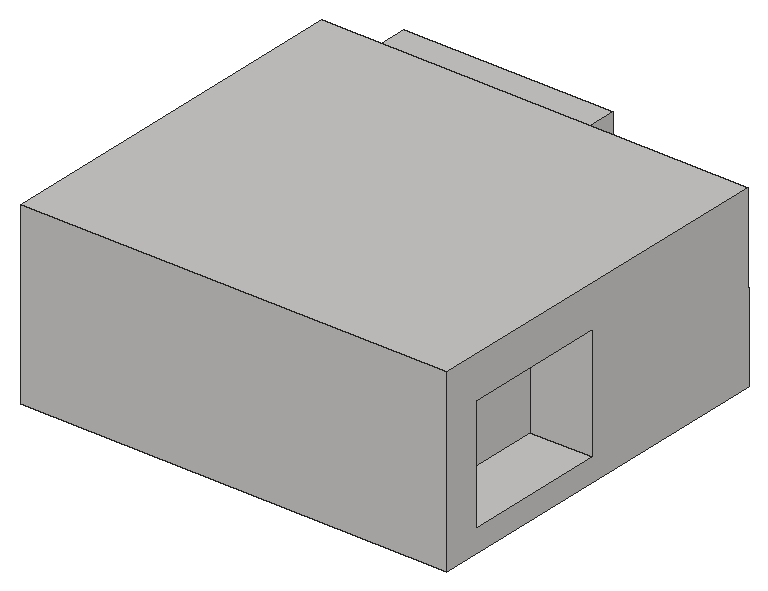
Revit family
Parameters
  Width = 3' - 0 1/8"
  Voltage = 208 V
  Unit Weight = "150.0 lbs"
  UltraLoc Liner = Choose Liner Option = 3  # no
  URL = "http://www.titus-hvac.com/"
  UL = "181"
  Supply Air Flow [instance] = 0 CFM
  SteriLoc Liner = Choose Liner Option = 2  # no
  Primary Air Pressure Drop [instance] = 0.00 in-wg
  Primary Air Flow [instance] = 0 CFM
  Plenum Air Pressure Drop [instance] = 0.00 in-wg
  Plenum Air Flow [instance] = 0 CFM
  Outlet Width = 1' - 2"
  Outlet Vertical Offset = 0' - 1 1/8"
  Outlet Horizontal Offset = 0' - 1 3/8"
  Outlet Height = 0' - 11"
  Number of Poles = 2
  Nominal Width = Width + 0' 6 1/4"  # 3' - 6 3/8"
  Nominal Length = Length + 0' 3 3/8"  # 3' - 8 1/4"
  Nominal Inlet Size = 0' - 6"
  Nominal Height = 1' - 5 1/8"
  NFPA = "90A"
  Motor Full Load Amps = 3 A
  Model = "DTQS"
  Min. Air Flow = 0 CFM
  Max. Air Flow = 0 CFM
  Material = Galvanized Steel
  Manufacturer = "Titus"
  Length = 3' - 4 7/8"
  Juction Box Offset = 0' - 2 7/8"
  Inlet Diameter = Nominal Inlet Size - 0' 0 1/8"  # 0' - 5 7/8"
  Induced Air Inlet Offset = 0' - 4 1/2"
  Induced Air Inlet Width = 1' - 1 1/4"
  Induced Air Inlet Height = 1' - 2 1/2"
  Induced Air Filter = no
  Heating Total Capacity [instance] = 0 Btu/h
  Half Outlet Connection Width = Outlet Width / 2  # 0' - 7"
  Half Outlet Connection Height = Outlet Height / 2  # 0' - 5 1/2"
  Half Height Start = -(Nominal Height / 2)  # -0' - 8 9/16"
  Half Height End = Nominal Height / 2  # 0' - 8 9/16"
  HP-Motor = "1/4"
  Frequency = 60 Hz
  Filter Size = "19\"x17\""
  Fiber Free Liner = Choose Liner Option = 1  # no
  Fan Disconnect Switch = no
  Duct Radius = Nominal Inlet Size / 2  # 0' - 3"
  Description = "Series Fan Powered Terminal Unit, Direct Digital Control, Pressure Independent"
  Connection Void Radius = Connection Radius - 0' 0 1/4"  # 0' - 2 11/16"
  Connection Radius = Inlet Diameter / 2  # 0' - 2 15/16"
  Choose Liner Option = 0
  CADworks URL = "www.CADworks.net"
  Assembly Code = "D3040100"
  Apparent Power = Voltage * Motor Full Load Amps  # 624 VA
  Air Inlet Offset = 0' - 6"
  1/2" Fiberglass Liner = Choose Liner Option = 0  # yes
Reference planes (in)
  plane 1 "Center (Front/Back)": y = 0
  plane 2: z = 0
  plane 3 "Center (Left/Right)": x = 3
  plane 4: x = -17.4375
  plane 5: x = 23.4375
  plane 6: x = -14.5625
  plane 7: x = -20.8125
  plane 8 "Center (Elevation)": z = 0
  plane 9: y = -18.0625
  plane 10: y = 18.0625
  plane 11: y = 12.0625
  plane 12: y = -13.5625
  plane 13: x = -11.4375
  plane 14: x = 17.4375
  plane 15: y = 24.3125
  plane 16: z = 8.5625
  plane 17: z = -8.5625
Forms (in)
  Extrusion 1, solid, material "Galvanized Steel" <- "Material"
    sketch origin (61, -3.76302, 78.80279) x (1, 0, 0) y (0, 1, 0)
      loop
        line (-78.4375, 21.82552) -> (-78.4375, -14.29948) -> (-37.5625, -14.29948) -> (-37.5625, 21.82552) -> (-78.4375, 21.82552)
    from -87.36529 <- "Half Height Start" to -70.24029 <- "Half Height End"
  Extrusion 2, solid, material "Galvanized Steel" <- "Material"
    sketch origin (4.0625, 0, 42) x (1, 0, 0) y (0, 1, 0)
      loop
        line (-18.625, 18.0625) -> (1.375, 18.0625) -> (1.375, 24.3125) -> (-18.625, 24.3125) -> (-18.625, 18.0625)
    from -48 to -36
  Extrusion 3, void
    sketch origin (23.4375, 18.0625, 76.42779) x (0, 1, 0) y (0, 0, -1)
      loop
        line (-18.625, 71.86529) -> (-18.625, 82.86529) -> (-32.625, 82.86529) -> (-32.625, 71.86529) -> (-18.625, 71.86529)
    from 0 to 6
  Extrusion 4, solid, material "Galvanized Steel" <- "Material"
    sketch origin (-24.875, -0.4375, 0) x (0, 0, -1) y (0, 1, 0)
      loop
        circle (0, 12.5) r 2.9375
    from 4.0625 to 7.4375
  Extrusion 5, void
    sketch origin (-24.875, 0, 0) x (0, 1, 0) y (0, 0, 1)
      loop
        circle (12.0625, 0) r 2.6875
    from 4.0625 to 13.4375
  Extrusion 6, void
    sketch origin (-17.4375, -18.0625, 78.67779) x (0, -1, 0) y (0, 0, -1)
      loop
        line (-17.75, 71.49029) -> (-4.5, 71.49029) -> (-4.5, 85.99029) -> (-17.75, 85.99029) -> (-17.75, 71.49029)
    from 0 to 6
Cuts and joins
  Extrusion 3, Extrusion 5, Extrusion 6 cuts Extrusion 1
  Extrusion 5 cuts Extrusion 4
Dimensions and locks (in)
  "Length": plane 5 to plane 4
  equal spacing: plane 5, plane 3 "Center (Left/Right)", plane 4
  locked: Extrusion 2 to plane 6 at 0
  locked: Extrusion 2 to Extrusion 2 at 20
  "Juction Box Offset": plane 6 to plane 4
  "Outlet Height": Extrusion 3 sketch curve to Extrusion 3 sketch curve
  "Outlet Width": Extrusion 3 sketch curve to Extrusion 3 sketch curve
  locked: plane 4 to plane 7 at 3.375
  "Width": plane 9 to plane 10
  equal spacing: plane 9, plane 1 "Center (Front/Back)", plane 10
  locked: Extrusion 4 sketch curve to level at 0
  locked: Extrusion 4 sketch curve to plane 11 at 0
  locked: Extrusion 5 sketch curve to level at 0
  locked: Extrusion 5 sketch curve to plane 11 at 0
  locked: Extrusion 2 to Extrusion 2 at 6.25
  "Air Inlet Offset": plane 10 to plane 11
  locked: Extrusion 2 to plane 10 at 0
  locked: cut or joined group of Extrusion 4, Extrusion 5 to plane 7 at 0
  locked: cut or joined group of Extrusion 4, Extrusion 5 to cut or joined group of Extrusion 4, Extrusion 5 at 3.375
  "Induced Air Inlet Offset": plane 9 to plane 12
  "Induced Air Inlet Width": Extrusion 6 sketch curve to Extrusion 6 sketch curve
  "Induced Air Inlet Height": Extrusion 6 sketch curve to Extrusion 6 sketch curve
  "Induced Air Inlet Offset": Extrusion 6 sketch curve to plane 9
  locked: plane 9 to Extrusion 3 sketch curve at 3.5
  cut or joined group of Extrusion 1, Extrusion 3, Extrusion 5, Extrusion 6 to Extrusion 6 sketch curve = 0' - 1 3/8"
  cut or joined group of Extrusion 1, Extrusion 3, Extrusion 5, Extrusion 6 to Extrusion 3 sketch curve = 0' - 2 1/8"
  locked: Extrusion 2 to Extrusion 2 at 12
  equal spacing: Extrusion 2, level, Extrusion 2
  locked: cut or joined group of Extrusion 1, Extrusion 3, Extrusion 5, Extrusion 6 to cut or joined group of Extrusion 1, Extrusion 3, Extrusion 5, Extrusion 6 at 17.125
  equal spacing: cut or joined group of Extrusion 1, Extrusion 3, Extrusion 5, Extrusion 6, level, cut or joined group of Extrusion 1, Extrusion 3, Extrusion 5, Extrusion 6
  locked: plane 4 to plane 13 at 6
  locked: plane 14 to plane 5 at 6
  "Connection Radius": radius of Extrusion 4 sketch curve
  "Connection Void Radius": radius of Extrusion 5 sketch curve
  aligned and locked: cut or joined group of Extrusion 1, Extrusion 3, Extrusion 5, Extrusion 6 to plane 10
  aligned and locked: plane 9 to cut or joined group of Extrusion 1, Extrusion 3, Extrusion 5, Extrusion 6
  aligned and locked: plane 5 to cut or joined group of Extrusion 1, Extrusion 3, Extrusion 5, Extrusion 6
  aligned and locked: cut or joined group of Extrusion 1, Extrusion 3, Extrusion 5, Extrusion 6 to plane 4
  aligned and locked: Extrusion 3 to plane 14
  aligned and locked: plane 13 to Extrusion 6
  aligned and locked: Extrusion 6 to Extrusion 5
Automatic sketch dimensions
  plane 4 to Extrusion 1 sketch curve = 0' - 0"
  plane 5 to Extrusion 1 sketch curve = 0' - 0"
  plane 9 to Extrusion 1 sketch curve = 0' - 0"
  plane 10 to Extrusion 1 sketch curve = 0' - 0"
  Extrusion 2 sketch curve to plane 6 = 0' - 0"
  Extrusion 2 sketch curve to plane 10 = 0' - 0"
  plane 3 "Center (Left/Right)" to Extrusion 2 sketch curve = 0' - 2 7/16"
  Extrusion 2 sketch curve to plane 10 = 0' - 6 1/4"
Connectors (in)
  electrical at (-4.5625, 24.3125, 0), driven by "Apparent Power", driven by "Voltage", driven by "Number of Poles"
    settings: on Extrusion 2, index 8
  hvac at (-20.8125, 12.0625, 0), driven by "Primary Air Flow", driven by "Duct Radius", driven by "Primary Air Pressure Drop"
    settings: on cut or joined group of Extrusion 4, Extrusion 5, index 9
  hvac at (-17.4375, -6.9375, -0.0625), driven by "Induced Air Inlet Width", driven by "Induced Air Inlet Height", driven by "Plenum Air Pressure Drop", driven by "Plenum Air Flow"
    settings: on cut or joined group of Extrusion 1, Extrusion 3, Extrusion 5, Extrusion 6, index 14
  hvac at (23.4375, -7.5625, -0.9375), driven by "Supply Air Flow", driven by "Outlet Width", driven by "Outlet Height"
    settings: on cut or joined group of Extrusion 1, Extrusion 3, Extrusion 5, Extrusion 6, index 15
